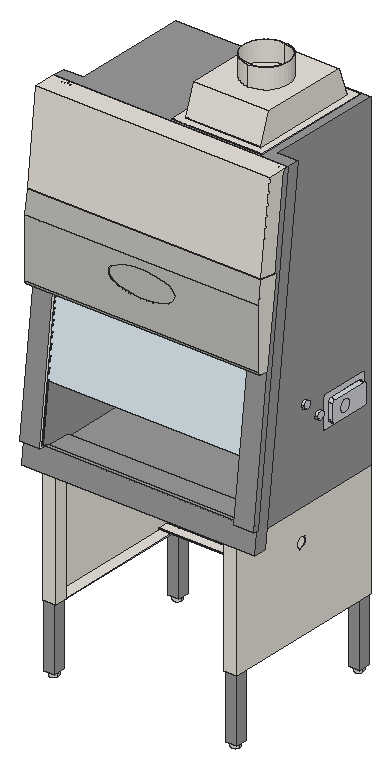
Revit family "NU-543(E)_230V Class II Type A2 BSC", category Mechanical Equipment, Revit 2018
Family settings
  Round Connector Dimension = Use Diameter
  Part Type = Normal
  OmniClass Number = 23.75.00.00
  OmniClass Title = Climate Control (HVAC)
  Work Plane-Based = No
  Always vertical = Yes
  Cut with Voids When Loaded = No
  Shared = No
  Room Calculation Point = No
Parameters (values of type "NU-543-300(E)")
  window width = 2' - 11 7/8"
  transition width = 1' - 1 3/8"
  transition depth = 1' - 7 1/8"
  exhaust ring inner = 0' - 3 15/16"
  exhaust door width = 1' - 1 3/16"
  crossbar = 2' - 10 9/64"
  Workzone Width = 2' - 10 3/8"
  Overall Width = 3' - 5 9/16"
  Model = "NU-543-300(E)"
  Manufacturer = "NuAire Inc."
  Exhaust Filter Width = 1' - 0 1/2"
  Exhaust Diameter = 0' - 8"
  Exhaust Center = 1' - 1"
  Description = "230V Class II, Type A2 Biological Safety Cabinet"
  Cabinet Width = 2' - 10 9/16"
  Cabinet Height = 4' - 10 7/8"
  Cabinet Depth = 2' - 6"
Types (5): name | window width | transition width | exhaust ring inner | exhaust door width | crossbar | Workzone Width | Overall Width | Model | Exhaust Filter Width | Exhaust Diameter | Exhaust Center | Cabinet Width | Cabinet Depth
  (no name) | 2' - 11 7/8" | 1' - 1 3/8" | 0' - 3 15/16" | 1' - 1 3/16" | 2' - 10 9/64" | 2' - 10 3/8" | 3' - 5 9/16" | "NU-543-300(E)" | 1' - 0 1/2" | 0' - 8" | 1' - 1" | 2' - 10 9/16" | 2' - 6"
  NU-543-600(E) | 5' - 11 7/8" | 2' - 11 3/8" | 0' - 4 15/16" | 2' - 7 3/16" | 5' - 10.1415" | 5' - 10 3/8" | 6' - 5 9/16" | "NU-543-600(E)" | 2' - 10 1/2" | 0' - 10" | 2' - 0" | 5' - 10 9/16" | 2' - 7 3/64"
  NU-543-500(E) | 4' - 11 7/8" | 2' - 5 3/8" | 0' - 4 15/16" | 2' - 7 3/16" | 4' - 10 9/64" | 4' - 10 3/8" | 5' - 5 9/16" | "NU-543-500(E)" | 2' - 4 1/2" | 0' - 10" | 1' - 9" | 4' - 10 9/16" | 2' - 6"
  NU-543-400(E) | 3' - 11 3/8" | 1' - 9 3/8" | 0' - 4 15/16" | 1' - 7 3/16" | 3' - 10 9/64" | 3' - 10 3/8" | 4' - 5 9/16" | "NU-543-400(E)" | 1' - 8 1/2" | 0' - 10" | 1' - 5" | 3' - 10 9/16" | 2' - 7 7/16"
  NU-543-300(E) | 2' - 11 7/8" | 1' - 1 3/8" | 0' - 3 15/16" | 1' - 1 3/16" | 2' - 10 9/64" | 2' - 10 3/8" | 3' - 5 9/16" | "NU-543-300(E)" | 1' - 0 1/2" | 0' - 8" | 1' - 1" | 2' - 10 9/16" | 2' - 6"
Reference planes (in)
  plane 1 "Center (Front/Back)": y = 0
  plane 2: z = 0
  plane 3 "Center (Left/Right)": x = 0
  plane 4: x = -17.28125
  plane 5: x = 17.28125
  plane 6: y = -30
  plane 7 "Cabinet Base": z = 32.5
  plane 8 "Cabinet Top": z = 91.375
  plane 9: x = -20.78125
  plane 10: x = 20.78125
  plane 11: z = 12
  plane 12: z = 36.5
  plane 13: z = 89.703
  plane 14: z = 0.75
  plane 15: z = 12.074
  plane 16: z = 12.25
  plane 17: z = 22.21875
  plane 18: x = -17.07031
  plane 19: x = 17.07031
  plane 20: x = -17.9375
  plane 21: x = 17.9375
  plane 22: z = 68.23219
  plane 23: x = 18.3125
  plane 24: x = 17.34375
  plane 25: z = 99.875
Forms (in)
  Extrusion 1, solid
    sketch origin (0, 0, 0) x (0, 1, 0) y (0, 0, 1)
      loop
        line (0, 32.5) -> (0, 91.375) -> (-22.77106, 91.375) -> (-30, 32.5) -> (0, 32.5)
    from -20.78125 to 20.78125
  Extrusion 2, void
    sketch origin (0, 0, 0) x (0, 1, 0) y (0, 0, 1)
      loop
        line (-20.6301, 91.375) -> (-27.85904, 32.5) -> (0, 32.5) -> (0, 91.375) -> (-20.6301, 91.375)
    from -20.78125 to -17.28125
  Extrusion 3, void
    sketch origin (0, 0, 0) x (0, 1, 0) y (0, 0, 1)
      loop
        line (-20.6301, 91.375) -> (-27.85904, 32.5) -> (0, 32.5) -> (0, 91.375) -> (-20.6301, 91.375)
    from 17.28125 to 20.78125
  Extrusion 4, void
    sketch origin (0, 0, 0) x (0, 1, 0) y (0, 0, 1)
      loop
        line (-29.50886, 36.5) -> (-28.88386, 36.5) -> (-28.88386, 36.1875) -> (-24.25886, 36.1875) -> (-24.25886, 35.6875) -> (-4.18074, 35.6875) -> (-4.18074, 63.9375) -> (-26.13996, 63.9375) -> (-29.50886, 36.5)
    from -17.1875 to 17.1875
  Extrusion 5, void
    sketch origin (0, 0, 91.375) x (1, 0, 0) y (0, -1, 0)
      loop
        line (13.98425, 2.047) -> (13.98425, 20.547) -> (1.48425, 20.547) -> (1.48425, 2.047) -> (13.98425, 2.047)
    from 0 to 1.672
  Extrusion 6, solid
    sketch origin (0, -30, 32.5) x (1, 0, 0) y (0, -1, 0)
      loop
        line (17.28125, -30) -> (17.28125, -0.29687) -> (14.96225, -0.29687) -> (14.96225, -2.54287) -> (17.13325, -2.54287) -> (17.13325, -27.754) -> (14.96225, -27.754) -> (14.96225, -30) -> (17.28125, -30)
      loop
        line (-17.28125, -30) -> (-14.96225, -30) -> (-14.96225, -27.754) -> (-17.13325, -27.754) -> (-17.13325, -2.54287) -> (-14.96225, -2.54287) -> (-14.96225, -0.29687) -> (-17.28125, -0.29687) -> (-17.28125, -30)
    from 0 to 20.5
  Extrusion 7, solid
    sketch origin (0, -30, 12) x (0, 1, 0) y (1, 0, 0)
      loop
        line (0.42187, -17.15625) -> (2.42187, -17.15625) -> (2.42187, -15.15625) -> (0.42187, -15.15625) -> (0.42187, -17.15625)
      loop
        line (0.42362, 17.15625) -> (0.42362, 15.15625) -> (2.42362, 15.15625) -> (2.42362, 17.15625) -> (0.42362, 17.15625)
      loop
        line (29.875, 17.15625) -> (27.875, 17.15625) -> (27.875, 15.15625) -> (29.875, 15.15625) -> (29.875, 17.15625)
      loop
        line (27.875, -17.15625) -> (29.875, -17.15625) -> (29.875, -15.15625) -> (27.875, -15.15625) -> (27.875, -17.15625)
    from 0 to 11.25
  Extrusion 8, solid
    sketch origin (0, -30, 0.75) x (-1, 0, 0) y (0, 1, 0)
      loop
        circle (16.15625, 1.40689) r 0.75
      loop
        circle (-16.15625, 1.42362) r 0.75
      loop
        circle (-16.15625, 28.875) r 0.75
      loop
        circle (16.15625, 28.875) r 0.75
    from 0 to 0.75
  Extrusion 9, void
    sketch origin (0, 0, 0) x (0, 1, 0) y (0, 0, 1)
      loop
        circle (-15.375, 27) r 1
    from -17.28125 to 17.28125
  Extrusion 10, solid
    sketch origin (0, -30, 12) x (0, 1, 0) y (1, 0, 0)
      loop
        line (2.54287, 17.13325) -> (2.54287, 14.96225) -> (27.754, 14.96225) -> (27.754, 17.13325) -> (2.54287, 17.13325)
      loop
        line (27.754, -14.96225) -> (2.54287, -14.96225) -> (2.54287, -17.13325) -> (27.754, -17.13325) -> (27.754, -14.96225)
    from 0 to -0.074
  Extrusion 11, solid
    sketch origin (0, 0, 0) x (0, 1, 0) y (0, 0, 1)
      loop
        line (-4.246, 22.21875) -> (-4.246, 22.09375) -> (-2.3085, 22.09375) -> (-2.3085, 12.375) -> (-4.246, 12.375) -> (-4.246, 12.25) -> (-2.246, 12.25) -> (-2.246, 22.21875) -> (-4.246, 22.21875)
    from -17.07031 to 17.07031
  Extrusion 12, solid
    sketch origin (0, 0, 0) x (0, 1, 0) y (0, 0, 1)
      loop
        line (-29.53701, 36.27075) -> (-22.77106, 91.375) -> (-23.59218, 91.375) -> (-30.34593, 36.37008) -> (-29.53701, 36.27075)
    from 17.28125 to 20.78125
  Extrusion 13, solid
    sketch origin (-20.78125, 0, 0) x (0, -1, 0) y (0, 0, 1)
      loop
        line (22.77106, 91.375) -> (29.53701, 36.27075) -> (30.34593, 36.37008) -> (23.59218, 91.375) -> (22.77106, 91.375)
    from 0 to -3.5
  Extrusion 14, void
    sketch origin (0, 0.01127, -0.00138) x (0, 1, 0) y (0, 0, 1)
      loop
        line (-29.63061, 36.53412) -> (-22.89683, 91.37638) -> (-23.3272, 91.37638) -> (-30.05459, 36.58618) -> (-29.63061, 36.53412)
    from -17.9375 to 17.9375
  Extrusion 15, solid
    sketch origin (0, 0, 0) x (0, 1, 0) y (0, 0, 1)
      loop
        line (-28.40065, 46.4582) -> (-24.84342, 75.3651) -> (-25.02951, 75.388) -> (-28.58675, 46.48105) -> (-28.40065, 46.4582)
    from -17.9375 to 17.9375
  Extrusion 16, solid
    sketch origin (0, 0, 0) x (0, 1, 0) y (0, 0, 1)
      loop
        line (-23.59218, 91.375) -> (-22.77106, 91.375) -> (-22.77106, 91.4375) -> (-26.85891, 91.4375) -> (-28.74501, 76.07644) -> (-25.51924, 75.68036) -> (-23.59218, 91.375)
      loop
        line (-25.53447, 75.5563) -> (-28.76025, 75.95237) -> (-29.24772, 71.98219) -> (-29.24772, 61.39724)
        arc (-29.24772, 61.39724) -> (-29.10651, 61.02451) -> (-28.75378, 60.83893) r 0.5625
        line (-28.75378, 60.83893) -> (-27.36251, 60.6681) -> (-25.53447, 75.5563)
    from -20.78125 to 20.78125
  Extrusion 17, void
    sketch origin (0, -29.24772, 71.98219) x (0, 0, 1) y (1, 0, 0)
      loop
        spline (-3.71919, -5.96875) -> (-3.10786, -5.76537) -> (-2.53819, -5.16909) -> (-2.049, -4.22054) -> (-1.67363, -2.98438) -> (-1.43767, -1.54483) -> (-1.35719, 0) -> (-1.43767, 1.54483) -> (-1.67363, 2.98437) -> (-2.049, 4.22054) -> (-2.53819, 5.16909) -> (-3.10786, 5.76537) -> (-3.71919, 5.96875)
        spline (-3.71919, 5.96875) -> (-4.33052, 5.76537) -> (-4.90019, 5.16909) -> (-5.38937, 4.22054) -> (-5.76474, 2.98437) -> (-6.0007, 1.54483) -> (-6.08119, 0) -> (-6.0007, -1.54483) -> (-5.76474, -2.98438) -> (-5.38937, -4.22054) -> (-4.90019, -5.16909) -> (-4.33052, -5.76537) -> (-3.71919, -5.96875)
    from 0 to 0.07687
  Extrusion 18, void
    sketch origin (0, 0, 0) x (0, 1, 0) y (0, 0, 1)
      loop
        circle (-11.846, 45.958) r 0.5
      loop
        circle (-14.842, 48.958) r 0.5
    from -17.28125 to 17.28125
  Extrusion 19, solid
    sketch origin (-0.214, 0, 0) x (0, 1, 0) y (0, 0, 1)
      loop
        arc (-10.1875, 48.25) -> (-10.36428, 48.17678) -> (-10.4375, 48) r 0.25
        line (-10.4375, 48) -> (-10.4375, 43)
        arc (-10.4375, 43) -> (-10.36428, 42.82322) -> (-10.1875, 42.75) r 0.25
        line (-10.1875, 42.75) -> (-1.6875, 42.75)
        arc (-1.6875, 42.75) -> (-1.51072, 42.82322) -> (-1.4375, 43) r 0.25
        line (-1.4375, 43) -> (-1.4375, 48)
        arc (-1.4375, 48) -> (-1.51072, 48.17678) -> (-1.6875, 48.25) r 0.25
        line (-1.6875, 48.25) -> (-10.1875, 48.25)
      loop
        arc (-9.0625, 47.375) -> (-9.41605, 47.22855) -> (-9.5625, 46.875) r 0.5
        line (-9.5625, 46.875) -> (-9.5625, 44.125)
        arc (-9.5625, 44.125) -> (-9.41605, 43.77145) -> (-9.0625, 43.625) r 0.5
        line (-9.0625, 43.625) -> (-2.8125, 43.625)
        arc (-2.8125, 43.625) -> (-2.45895, 43.77145) -> (-2.3125, 44.125) r 0.5
        line (-2.3125, 44.125) -> (-2.3125, 46.875)
        arc (-2.3125, 46.875) -> (-2.45895, 47.22855) -> (-2.8125, 47.375) r 0.5
        line (-2.8125, 47.375) -> (-9.0625, 47.375)
    from 17.49525 to 17.55775
  Extrusion 20, solid
    sketch origin (17.28125, 0, 0) x (0, 1, 0) y (0, 0, 1)
      loop
        arc (-9.0625, 47.375) -> (-9.41605, 47.22855) -> (-9.5625, 46.875) r 0.5
        line (-9.5625, 46.875) -> (-9.5625, 44.125)
        arc (-9.5625, 44.125) -> (-9.41605, 43.77145) -> (-9.0625, 43.625) r 0.5
        line (-9.0625, 43.625) -> (-2.8125, 43.625)
        arc (-2.8125, 43.625) -> (-2.45895, 43.77145) -> (-2.3125, 44.125) r 0.5
        line (-2.3125, 44.125) -> (-2.3125, 46.875)
        arc (-2.3125, 46.875) -> (-2.45895, 47.22855) -> (-2.8125, 47.375) r 0.5
        line (-2.8125, 47.375) -> (-9.0625, 47.375)
    from 0 to 1.03125
  Extrusion 21, void
    sketch origin (0, 0, 0) x (0, 1, 0) y (0, 0, 1)
      loop
        circle (-6.9375, 45.5) r 1.12448
    from 18.20767 to 18.3125
  Extrusion 22, solid
    sketch origin (1.48425, -3.8441, 96.375) x (0, -1, 0) y (1, 0, 0)
      loop
        circle (7.4684, 6.297) r 4
      loop
        circle (7.4684, 6.297) r 3.9375
    from 0 to 3.5
  Extrusion 23, solid
    sketch origin (0, 0, 91.375) x (0, -1, 0) y (1, 0, 0)
      loop
        line (1.7345, 1.04675) -> (20.8595, 1.04675) -> (20.8595, 14.42175) -> (1.7345, 14.42175) -> (1.7345, 1.04675)
      loop
        line (0.3595, -0.32825) -> (22.2345, -0.32825) -> (22.2345, 15.79675) -> (0.3595, 15.79675) -> (0.3595, -0.32825)
    from 0 to 0.0625
  Extrusion 24, solid
    sketch origin (0, 0, 0) x (0, 1, 0) y (0, 0, 1)
      loop
        line (-20.8595, 91.375) -> (-1.7345, 91.375) -> (-1.7345, 91.4375) -> (-3.5316, 96.375) -> (-19.0624, 96.375) -> (-20.8595, 91.4375) -> (-20.8595, 91.375)
    from 1.04675 to 14.42175
  Extrusion 25, solid
    sketch origin (0, -20.6301, 91.375) x (0, -0.121869, -0.992546) y (-1, 0, 0)
      loop
        circle (57.52663, 18.96723) r 0.5
    from 0 to 0.0987
  Extrusion 26, solid
    sketch origin (0, 0, 0) x (0, 1, 0) y (0, 0, 1)
      loop
        circle (-11.846, 45.958) r 0.625
      loop
        circle (-14.846, 48.954) r 0.625
    from 17.28125 to 17.9375
  Extrusion 27, solid
    sketch origin (-17.28125, 0, 0) x (0, -1, 0) y (0, 0, 1)
      loop
        circle (14.84766, 48.954) r 0.625
      loop
        circle (11.846, 45.95312) r 0.625
    from 0 to 0.65625
Cuts and joins
  Extrusion 2, Extrusion 3, Extrusion 4, Extrusion 5, Extrusion 17, Extrusion 18 cuts Extrusion 1
  Extrusion 9 cuts Extrusion 6
  Extrusion 14, Extrusion 18 cuts Extrusion 13
  Extrusion 14 cuts Extrusion 12
  Extrusion 17 cuts Extrusion 15
  Extrusion 17 cuts Extrusion 16
  Extrusion 21 cuts Extrusion 20
  joined: Extrusion 19, Extrusion 20
Dimensions and locks (in)
  equal spacing: plane 4, plane 3 "Center (Left/Right)", plane 5
  "Cabinet Width": plane 4 to plane 5
  "Cabinet Depth": plane 1 "Center (Front/Back)" to plane 6
  "Cabinet Height": plane 8 "Cabinet Top" to plane 7 "Cabinet Base"
  equal spacing: plane 10, plane 3 "Center (Left/Right)", plane 9
  "Overall Width": plane 10 to plane 9
  plane 7 "Cabinet Base" to Extrusion 1 = 4' - 10 7/8"
  locked: Extrusion 2 sketch curve to Extrusion 1 at 2.125
  Extrusion 2 to plane 7 "Cabinet Base" = 4' - 10 7/8"
  locked: cut or joined group of Extrusion 1, Extrusion 2, Extrusion 3, Extrusion 4, Extrusion 5, Extrusion 17, Extrusion 18 to Extrusion 3 sketch curve at 2.125
  Extrusion 3 to plane 7 "Cabinet Base" = 4' - 10 7/8"
  plane 7 "Cabinet Base" to level = 2' - 8 1/2"
  equal spacing: cut or joined group of Extrusion 1, Extrusion 2, Extrusion 3, Extrusion 4, Extrusion 5, Extrusion 17, Extrusion 18, plane 3 "Center (Left/Right)", cut or joined group of Extrusion 1, Extrusion 2, Extrusion 3, Extrusion 4, Extrusion 5, Extrusion 17, Extrusion 18
  "Workzone Width": cut or joined group of Extrusion 1, Extrusion 2, Extrusion 3, Extrusion 4, Extrusion 5, Extrusion 17, Extrusion 18 to cut or joined group of Extrusion 1, Extrusion 2, Extrusion 3, Extrusion 4, Extrusion 5, Extrusion 17, Extrusion 18
  locked: Extrusion 5 sketch curve to plane 5 at 3.297
  "Exhaust Filter Width": Extrusion 5 sketch curve to Extrusion 5 sketch curve
  locked: Extrusion 5 sketch curve to plane 1 "Center (Front/Back)" at 2.047
  Extrusion 5 sketch curve to Extrusion 5 sketch curve = 1' - 6 1/2"
  locked: Extrusion 6 to Extrusion 7 sketch curve at 0.125
  locked: Extrusion 7 sketch curve to Extrusion 6 at 0.125  (x4)
  Extrusion 7 sketch curve to Extrusion 7 sketch curve = 0' - 2"  (x8)
  Extrusion 6 to Extrusion 7 sketch curve = 0' - 0 1/8"  (x2)
  Extrusion 6 to Extrusion 7 sketch curve = 0' - 0.12674"
  Extrusion 8 sketch curve to Extrusion 7 = 0' - 1"  (x2)
  Extrusion 7 to Extrusion 8 sketch curve = 0' - 0.98502"
  Extrusion 7 to Extrusion 8 sketch curve = 0' - 1"  (x5)
  Extrusion 6 to Extrusion 9 sketch curve = 0' - 5 1/2"
  Extrusion 6 to Extrusion 9 sketch curve = 1' - 3 3/8"
  equal spacing: plane 19, plane 3 "Center (Left/Right)", plane 18
  "crossbar": plane 19 to plane 18
  cut or joined group of Extrusion 1, Extrusion 2, Extrusion 3, Extrusion 4, Extrusion 5, Extrusion 17, Extrusion 18 to Extrusion 12 sketch curve = 0' - 0.815"
  Extrusion 13 to Extrusion 14 sketch curve = 0' - 0.11365"
  Extrusion 14 sketch curve to Extrusion 14 sketch curve = 0' - 0.42716"
  Extrusion 13 to Extrusion 14 sketch curve = 0' - 0 1/4"
  equal spacing: plane 21, plane 3 "Center (Left/Right)", plane 20
  "window width": plane 21 to plane 20
  cut or joined group of Extrusion 13, Extrusion 14, Extrusion 18 to Extrusion 15 sketch curve to Extrusion 15 sketch curve = 0' - 10", 2' - 5 1/8" locked
  equal spacing: Extrusion 15, plane 3 "Center (Left/Right)", Extrusion 15
  "window width": Extrusion 15 to Extrusion 15
  locked: Extrusion 16 sketch curve to Extrusion 16 sketch curve at 15
  locked: Extrusion 16 sketch curve to Extrusion 16 sketch curve at 4
  Extrusion 16 sketch curve to Extrusion 16 sketch curve = 2' - 6 15/16"
  equal spacing: Extrusion 16, plane 3 "Center (Left/Right)", Extrusion 16
  "Overall Width": Extrusion 16 to Extrusion 16
  equal spacing: plane 10, Extrusion 17 sketch curve, plane 9
  Extrusion 18 sketch curve to cut or joined group of Extrusion 1, Extrusion 2, Extrusion 3, Extrusion 4, Extrusion 5, Extrusion 17, Extrusion 18 = 1' - 2.842"
  Extrusion 18 sketch curve to cut or joined group of Extrusion 6, Extrusion 9 = 1' - 1.458"
  Extrusion 18 sketch curve to cut or joined group of Extrusion 6, Extrusion 9 = 1' - 4.458"
  Extrusion 19 sketch curve to cut or joined group of Extrusion 1, Extrusion 2, Extrusion 3, Extrusion 4, Extrusion 5, Extrusion 17, Extrusion 18 = 0' - 1 7/16"
  Extrusion 19 sketch curve to Extrusion 19 sketch curve = 0' - 9"
  Extrusion 19 sketch curve to cut or joined group of Extrusion 6, Extrusion 9 = 0' - 10 1/4"
  Extrusion 19 sketch curve to Extrusion 19 sketch curve = 0' - 5 1/2"
  Extrusion 19 sketch curve to Extrusion 19 sketch curve = 0' - 3 3/4"
  Extrusion 19 sketch curve to Extrusion 19 sketch curve = 0' - 7 1/4"
  Extrusion 19 sketch curve to Extrusion 19 sketch curve = 0' - 0 7/8"
  plane 10 to plane 23 to cut or joined group of Extrusion 1, Extrusion 2, Extrusion 3, Extrusion 4, Extrusion 5, Extrusion 17, Extrusion 18 = 0' - 2 15/32" locked, 0' - 1 1/32" locked
  Extrusion 21 sketch curve to cut or joined group of Extrusion 6, Extrusion 9 = 1' - 1"
  Extrusion 21 sketch curve to cut or joined group of Extrusion 1, Extrusion 2, Extrusion 3, Extrusion 4, Extrusion 5, Extrusion 17, Extrusion 18 = 0' - 6 15/16"
  plane 23 to plane 24 to cut or joined group of Extrusion 19, Extrusion 20, Extrusion 21 = 0' - 0 31/32" locked, 0' - 0 1/16" locked
  locked: cut or joined group of Extrusion 19, Extrusion 20, Extrusion 21 to cut or joined group of Extrusion 19, Extrusion 20, Extrusion 21 at 0.10483
  locked: cut or joined group of Extrusion 1, Extrusion 2, Extrusion 3, Extrusion 4, Extrusion 5, Extrusion 17, Extrusion 18 to plane 23 at 1.03125
  "Exhaust Center": Extrusion 22 sketch curve to cut or joined group of Extrusion 1, Extrusion 2, Extrusion 3, Extrusion 4, Extrusion 5, Extrusion 17, Extrusion 18
  cut or joined group of Extrusion 1, Extrusion 2, Extrusion 3, Extrusion 4, Extrusion 5, Extrusion 17, Extrusion 18 to Extrusion 22 sketch curve = 0' - 11 5/16"
  "transition width": Extrusion 23 sketch curve to Extrusion 23 sketch curve
  "transition depth": Extrusion 23 sketch curve to Extrusion 23 sketch curve
  locked: Extrusion 23 sketch curve to cut or joined group of Extrusion 1, Extrusion 2, Extrusion 3, Extrusion 4, Extrusion 5, Extrusion 17, Extrusion 18 at 0.3125
  cut or joined group of Extrusion 1, Extrusion 2, Extrusion 3, Extrusion 4, Extrusion 5, Extrusion 17, Extrusion 18 to Extrusion 23 sketch curve = 0' - 0 7/16"
  locked: Extrusion 23 sketch curve to cut or joined group of Extrusion 1, Extrusion 2, Extrusion 3, Extrusion 4, Extrusion 5, Extrusion 17, Extrusion 18 at 0.4375
  locked: Extrusion 23 sketch curve to Extrusion 23 sketch curve at 1.375  (x3)
  locked: Extrusion 23 sketch curve to Extrusion 23 sketch curve at 21.875
  Extrusion 25 sketch curve to cut or joined group of Extrusion 1, Extrusion 2, Extrusion 3, Extrusion 4, Extrusion 5, Extrusion 17, Extrusion 18 = 0' - 1.79051"
  cut or joined group of Extrusion 1, Extrusion 2, Extrusion 3, Extrusion 4, Extrusion 5, Extrusion 17, Extrusion 18 to Extrusion 25 sketch curve = 0' - 1.81402"
  Extrusion 18 sketch curve to cut or joined group of Extrusion 1, Extrusion 2, Extrusion 3, Extrusion 4, Extrusion 5, Extrusion 17, Extrusion 18 = 0' - 11.846"
  Extrusion 26 sketch curve to cut or joined group of Extrusion 6, Extrusion 9 = 1' - 1.458"
  Extrusion 26 sketch curve to cut or joined group of Extrusion 6, Extrusion 9 = 1' - 4.454"
  Extrusion 26 sketch curve to cut or joined group of Extrusion 1, Extrusion 2, Extrusion 3, Extrusion 4, Extrusion 5, Extrusion 17, Extrusion 18 = 0' - 11.846"
  Extrusion 26 sketch curve to cut or joined group of Extrusion 1, Extrusion 2, Extrusion 3, Extrusion 4, Extrusion 5, Extrusion 17, Extrusion 18 = 1' - 2.846"
  Extrusion 27 sketch curve to cut or joined group of Extrusion 6, Extrusion 9 = 1' - 1 29/64"
  Extrusion 27 sketch curve to cut or joined group of Extrusion 6, Extrusion 9 = 1' - 4.454"
  cut or joined group of Extrusion 1, Extrusion 2, Extrusion 3, Extrusion 4, Extrusion 5, Extrusion 17, Extrusion 18 to Extrusion 27 sketch curve = 0' - 11.846"
  cut or joined group of Extrusion 1, Extrusion 2, Extrusion 3, Extrusion 4, Extrusion 5, Extrusion 17, Extrusion 18 to Extrusion 27 sketch curve = 1' - 2 217/256"
  "Exhaust Diameter": diameter of Extrusion 22 sketch curve
  "exhaust ring inner": radius of Extrusion 22 sketch curve
  locked: plane 6 to Extrusion 1 sketch curve (angle 7.00°)
  aligned and locked: level to plane 2
  aligned and locked: plane 1 "Center (Front/Back)" to Extrusion 1 sketch curve
  aligned and locked: plane 8 "Cabinet Top" to Extrusion 1 sketch curve
  aligned and locked: plane 7 "Cabinet Base" to Extrusion 1 sketch curve
  aligned and locked: Extrusion 1 to plane 9
  aligned and locked: Extrusion 1 to plane 10
  aligned and locked: Extrusion 2 sketch curve to Extrusion 1  (x3)
  aligned and locked: Extrusion 2 to plane 9
  aligned and locked: plane 4 to Extrusion 2
  aligned and locked: cut or joined group of Extrusion 1, Extrusion 2, Extrusion 3, Extrusion 4, Extrusion 5, Extrusion 17, Extrusion 18 to Extrusion 3 sketch curve  (x2)
  aligned and locked: Extrusion 3 sketch curve to cut or joined group of Extrusion 1, Extrusion 2, Extrusion 3, Extrusion 4, Extrusion 5, Extrusion 17, Extrusion 18
  aligned and locked: Extrusion 3 to plane 10
  aligned and locked: Extrusion 3 to plane 5
  aligned and locked: Extrusion 5 to plane 13
  aligned and locked: Extrusion 6 to plane 11
  aligned and locked: Extrusion 6 to plane 7 "Cabinet Base"
  aligned and locked: plane 14 to Extrusion 7
  aligned and locked: Extrusion 8 to level
  aligned and locked: plane 5 to Extrusion 9
  aligned and locked: Extrusion 9 to plane 4
  aligned and locked: Extrusion 10 sketch curve to cut or joined group of Extrusion 6, Extrusion 9  (x8)
  aligned and locked: plane 15 to Extrusion 10
  aligned and locked: Extrusion 11 to plane 18
  aligned and locked: plane 19 to Extrusion 11
  aligned and locked: plane 8 "Cabinet Top" to Extrusion 12 sketch curve
  aligned and locked: Extrusion 12 to plane 10
  aligned and locked: Extrusion 12 to plane 5
  aligned and locked: plane 8 "Cabinet Top" to Extrusion 13 sketch curve
  aligned and locked: cut or joined group of Extrusion 1, Extrusion 2, Extrusion 3, Extrusion 4, Extrusion 5, Extrusion 17, Extrusion 18 to Extrusion 13 sketch curve
  aligned and locked: Extrusion 13 sketch curve to Extrusion 12  (x2)
  aligned and locked: plane 4 to Extrusion 13
  aligned and locked: Extrusion 14 to plane 20
  aligned and locked: Extrusion 14 to plane 21
  aligned and locked: Extrusion 14 to plane 8 "Cabinet Top"
  aligned and locked: plane 5 to Extrusion 18
  aligned and locked: Extrusion 18 to plane 4
  aligned and locked: Extrusion 19 to plane 5
  aligned and locked: Extrusion 19 to Extrusion 20 sketch curve  (x4)
  aligned and locked: Extrusion 20 to plane 23
  aligned and locked: Extrusion 21 to plane 23
  aligned and locked: Extrusion 20 to plane 5
  aligned and locked: Extrusion 19 to plane 24
  aligned and locked: plane 25 to Extrusion 22
  aligned and locked: cut or joined group of Extrusion 16, Extrusion 17 to Extrusion 23
  aligned and locked: Extrusion 24 sketch curve to Extrusion 23  (x3)
  aligned and locked: Extrusion 24 to Extrusion 23  (x2)
  aligned and locked: Extrusion 22 to Extrusion 24
  aligned and locked: Extrusion 26 to plane 5
  aligned and locked: Extrusion 27 to plane 20
  aligned and locked: plane 21 to Extrusion 26
Automatic sketch dimensions
  Extrusion 1 sketch curve to plane 6 = 0' - 0"
  plane 12 to Extrusion 4 sketch curve = 0' - 0"
  plane 6 to Extrusion 4 sketch curve = 0' - 0.49114"
  plane 12 to Extrusion 4 sketch curve = 0' - 0 5/16"
  Extrusion 4 sketch curve to Extrusion 4 sketch curve = 0' - 0 5/8"
  plane 6 to Extrusion 4 sketch curve = 0' - 3.86004"
  plane 12 to Extrusion 4 sketch curve = 0' - 0 13/16"
  Extrusion 4 sketch curve to Extrusion 4 sketch curve = 0' - 4 5/8"
  plane 1 "Center (Front/Back)" to Extrusion 4 sketch curve = 0' - 4.18074"
  Extrusion 4 sketch curve to plane 13 = 2' - 1.7655"
  Extrusion 1 to Extrusion 6 sketch curve = 0' - 0"  (x2)
  Extrusion 6 sketch curve to Extrusion 1 = 0' - 3 1/2"
  Extrusion 6 sketch curve to Extrusion 6 sketch curve = 0' - 0.148"  (x2)
  Extrusion 6 sketch curve to Extrusion 6 sketch curve = 0' - 2.171"  (x3)
  Extrusion 1 to Extrusion 6 sketch curve = 0' - 2.246"  (x2)
  Extrusion 6 sketch curve to Extrusion 1 = 0' - 5.819"  (x2)
  Extrusion 6 sketch curve to Extrusion 1 = 0' - 0 19/64"  (x2)
  Extrusion 6 sketch curve to Extrusion 6 sketch curve = 0' - 2.246"  (x2)
  Extrusion 11 sketch curve to plane 17 = 0' - 0"
  Extrusion 11 sketch curve to plane 16 = 0' - 0"
  plane 1 "Center (Front/Back)" to Extrusion 11 sketch curve = 0' - 4.246"  (x2)
  plane 16 to Extrusion 11 sketch curve = 0' - 0 1/8"
  Extrusion 11 sketch curve to Extrusion 11 sketch curve = 0' - 1 15/16"
  Extrusion 11 sketch curve to Extrusion 11 sketch curve = 0' - 0 1/16"
  Extrusion 11 sketch curve to Extrusion 11 sketch curve = 0' - 0 1/8"
  plane 6 to Extrusion 12 sketch curve = 0' - 0.46299"
  Extrusion 12 sketch curve to plane 6 = 0' - 0.34593"
  plane 8 "Cabinet Top" to Extrusion 14 sketch curve = 0' - 0"
  Extrusion 15 sketch curve to Extrusion 15 sketch curve = 0' - 0.1861"
  plane 6 to Extrusion 15 sketch curve = 0' - 1.41325"
  plane 6 to Extrusion 15 sketch curve = 0' - 4.97049"
  level to Extrusion 15 sketch curve = 6' - 3.3651"
  plane 8 "Cabinet Top" to Extrusion 16 sketch curve = 0' - 0"
  Extrusion 16 sketch curve to Extrusion 16 sketch curve = 0' - 0.01523"  (x2)
  Extrusion 16 sketch curve to Extrusion 16 sketch curve = 0' - 1.39126"
  Extrusion 16 sketch curve to plane 8 "Cabinet Top" = 0' - 0 1/16"
  Extrusion 16 sketch curve to Extrusion 16 sketch curve = 0' - 0.82112"
  Extrusion 16 sketch curve to Extrusion 16 sketch curve = 0' - 0.12407"
  plane 6 to Extrusion 16 sketch curve = 0' - 0.75228"
  plane 6 to Extrusion 16 sketch curve = 0' - 1.23975"
  Extrusion 16 sketch curve to Extrusion 16 sketch curve = 0' - 0.49395"
  plane 6 to Extrusion 16 sketch curve = 0' - 3.14109"
  Extrusion 17 sketch curve to Extrusion 16 = 0' - 3.71919"
  Extrusion 17 sketch curve to Extrusion 17 sketch curve = 0' - 5 31/32"
  Extrusion 19 sketch curve to Extrusion 19 sketch curve = 0' - 0 1/4"  (x4)
  Extrusion 19 sketch curve to Extrusion 19 sketch curve = 0' - 0 5/8"
  Extrusion 19 sketch curve to Extrusion 19 sketch curve = 0' - 0 1/2"  (x4)
  Extrusion 20 sketch curve to Extrusion 20 sketch curve = 0' - 0 1/2"  (x4)
  Extrusion 24 sketch curve to plane 25 = 0' - 3 1/2"
  Extrusion 24 sketch curve to Extrusion 24 sketch curve = 0' - 1.7971"
  plane 1 "Center (Front/Back)" to Extrusion 24 sketch curve = 0' - 3.5316"
  Extrusion 24 sketch curve to plane 8 "Cabinet Top" = 0' - 0 1/16"  (x2)
  Extrusion 22 sketch curve to Extrusion 22 sketch curve = 0' - 0"  (x2)
  radius of Extrusion 8 sketch curve = 0' - 0 3/4"  (x4)
  radius of Extrusion 9 sketch curve = 0' - 1"
  radius of Extrusion 18 sketch curve = 0' - 0 1/2"  (x2)
  radius of Extrusion 21 sketch curve = 0' - 1.12448"
  radius of Extrusion 25 sketch curve = 0' - 0 1/2"
  radius of Extrusion 26 sketch curve = 0' - 0 5/8"  (x2)
  radius of Extrusion 27 sketch curve = 0' - 0 5/8"  (x2)
Connectors (in)
  hvac at (7.78125, -11.3125, 99.875), driven by "Exhaust Diameter"
    settings: on Extrusion 22, index 1, duct flow 0 CFM, flow factor 0, pres drop 0.00 in-wg, loss coef 0, conn angle 0.00°, conn width 12", conn height 12", conn diameter 8", duct sys type 3, conn prof type 0, flow config 0, flow direction 2, loss method 0, conn ref index -1, conn util no, is conn primary yes, conn desc ""
  piping at (17.9375, -11.846, 45.958), diameter 0.875
    settings: on Extrusion 26, index 2, connector inside diameter 24", connector length 0' - 0", flow factor 0, pipe flow 0 GPM, pressure drop 0.00 psi, fitting loss kfactor 0, connector angle 0.00°, fixture units 0, engagement length 0' - 0", angle of deflection 0.00°, flow configuration 0, flow direction 1, fitting loss method 0, system type 28, joint type 0, gender type 0, connector reference index -1, connector utility 0, adjustable connector no, is connector primary yes, connector description ""
  piping at (17.9375, -14.846, 48.954), diameter 0.875
    settings: on Extrusion 26, index 3, connector inside diameter 24", connector length 0' - 0", flow factor 0, pipe flow 0 GPM, pressure drop 0.00 psi, fitting loss kfactor 0, connector angle 0.00°, fixture units 0, engagement length 0' - 0", angle of deflection 0.00°, flow configuration 0, flow direction 0, fitting loss method 0, system type 28, joint type 0, gender type 0, connector reference index -1, connector utility 0, adjustable connector no, is connector primary no, connector description ""
  electrical at (-18.96723, -27.54287, 34.26514)
    settings: on Extrusion 25, index 4, voltage 230 V, apparent load 0 VA, apparent load phase1 0 VA, apparent load phase2 0 VA, apparent load phase3 0 VA, power factor 1, load classification "Power", number of poles 2, system type 31, power factor state 1, is connector primary yes, connector utility yes, sub classification motor no, connector description ""
